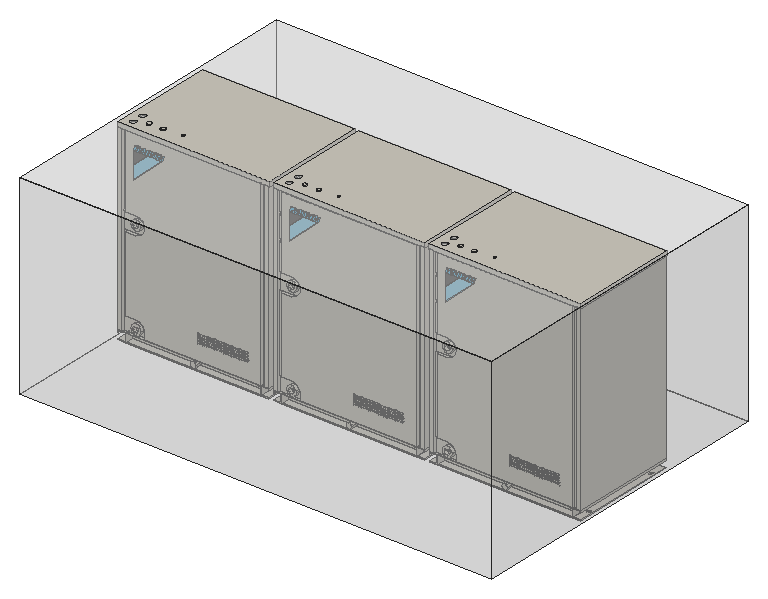
Revit family "outputfile", category 機械設備, Revit 2024
Family settings
  丸型コネクタ寸法 = 半径を使用
  種別 = なし
  パーツ タイプ = 標準
  OmniClass 番号 = 23.75.10.24.21.27.27
  OmniClass タイトル = Split System Air Conditioning Units
  作業面ベース = いいえ
  常に垂直 = はい
  ロード時にボイドで切り取り = いいえ
  注釈の向きを維持 = いいえ
  共有 = いいえ
  部屋計算ポイント = いいえ
Parameters (values of type "RWEYQ26TY1S")
  製造元 = "Daikin"
  書き出し IFC クラス(タイプ) = "IfcUnitaryEquipmentType"
  定義済み IFC タイプ(タイプ) = "AIRCONDITIONINGUNIT"
  モデル = "RWEYQ26TY1S"
  w_unit3 = 780.0 mm
  w_unit2 = 780.0 mm
  w_unit1 = 780.0 mm
  switch_unit3_6-8 [instance] = if(Reverse_ModuleSequence, if(default_unit1 = 1, 1 = 1, 1 = 0), if(default_unit3 = 1, 1 = 1, 1 = 0))  # yes
  switch_unit3_12 [instance] = if(Reverse_ModuleSequence, if(default_unit1 = 3, 1 = 1, 1 = 0), if(default_unit3 = 3, 1 = 1, 1 = 0))  # no
  switch_unit3_10 [instance] = if(Reverse_ModuleSequence, if(default_unit1 = 2, 1 = 1, 1 = 0), if(default_unit3 = 2, 1 = 1, 1 = 0))  # no
  switch_unit2_6-8 [instance] = if(default_unit2 = 1, 1 = 1, 1 = 0)  # yes
  switch_unit2_12 [instance] = if(default_unit2 = 3, 1 = 1, 1 = 0)  # no
  switch_unit2_10 [instance] = if(default_unit2 = 2, 1 = 1, 1 = 0)  # no
  switch_unit1_6-8 [instance] = if(Reverse_ModuleSequence, if(default_unit3 = 1, 1 = 1, 1 = 0), if(default_unit1 = 1, 1 = 1, 1 = 0))  # no
  switch_unit1_12 [instance] = if(Reverse_ModuleSequence, if(default_unit3 = 3, 1 = 1, 1 = 0), if(default_unit1 = 3, 1 = 1, 1 = 0))  # no
  switch_unit1_10 [instance] = if(Reverse_ModuleSequence, if(default_unit3 = 2, 1 = 1, 1 = 0), if(default_unit1 = 2, 1 = 1, 1 = 0))  # yes
  default_Water Outlet Pipe Connection_Unit 3 = 31.8 mm
  default_Water Outlet Pipe Connection_Unit 2 = 31.8 mm
  default_Water Outlet Pipe Connection_Unit 1 = 31.8 mm
  default_Water Inlet Pipe Connection_Unit 3 = 31.8 mm
  default_Water Inlet Pipe Connection_Unit 2 = 31.8 mm
  default_Water Inlet Pipe Connection_Unit 1 = 31.8 mm
  angle_Drain [instance] = if(Rear Connection_Drain, 180.00°, 0.00°)  # 0.00°
  r_Water Outlet Pipe Connection_unit3 [instance] = Water Outlet Pipe Connection_Unit3 / 2  # 15.9 mm
  r_Water Outlet Pipe Connection_unit2 [instance] = Water Outlet Pipe Connection_Unit2 / 2  # 15.9 mm
  r_Water Outlet Pipe Connection_unit1 [instance] = Water Outlet Pipe Connection_Unit1 / 2  # 15.9 mm
  r_Water Inlet Pipe Connection_unit3 [instance] = Water Inlet Pipe Connection_Unit3 / 2  # 15.9 mm
  r_Water Inlet Pipe Connection_unit2 [instance] = Water Inlet Pipe Connection_Unit2 / 2  # 15.9 mm
  r_Water Inlet Pipe Connection_unit1 [instance] = Water Inlet Pipe Connection_Unit1 / 2  # 15.9 mm
  r_Liquid Pipe Size_unit3 [instance] = Liquid Pipe Size_Unit 3 / 2  # 4.75 mm
  r_Liquid Pipe Size_unit2 [instance] = Liquid Pipe Size_Unit 2 / 2  # 4.75 mm
  r_HP/LP Gas Pipe Size_unit3 [instance] = [HP/LP Gas Pipe Size_Unit 3] / 2  # 9.55 mm
  r_HP/LP Gas Pipe Size_unit2 [instance] = [HP/LP Gas Pipe Size_Unit 2] / 2  # 9.55 mm
  r_HP/LP Gas Pipe Size_unit1 [instance] = [HP/LP Gas Pipe Size_Unit 1] / 2  # 11.1 mm
  r_Gas Pipe Size_unit3 [instance] = Gas Pipe Size_Unit 3 / 2  # 9.55 mm
  r_Gas Pipe Size_unit2 [instance] = Gas Pipe Size_Unit 2 / 2  # 9.55 mm
  r_Drain Pipe Size = Drain Pipe Size / 2  # 6.35 mm
  lw_powersupply3 = 51.0 mm
  lw_powersupply2 = 51.0 mm
  lw_liquidpipe3 = 274.0 mm
  lw_liquidpipe2 = 274.0 mm
  lw_gaspipe3 [instance] = if(Heat Pump, 107.0 mm, 178.0 mm)  # 107.0 mm
  lw_gaspipe2 [instance] = if(Heat Pump, 107.0 mm, 178.0 mm)  # 107.0 mm
  lw_Water Outlet3 = 95.0 mm
  lw_Water Outlet2 = 95.0 mm
  lw_Water Outlet1 = 95.0 mm
  lw_Water Inlet3 = 95.0 mm
  lw_Water Inlet2 = 95.0 mm
  lw_Water Inlet1 = 95.0 mm
  lw_HP/LP Gas Pipe3 [instance] = if(Heat Pump, 178.0 mm, 107.0 mm)  # 178.0 mm
  lw_HP/LP Gas Pipe2 [instance] = if(Heat Pump, 178.0 mm, 107.0 mm)  # 178.0 mm
  lw_HP/LP Gas Pipe1 [instance] = if(Heat Pump, 178.0 mm, 107.0 mm)  # 178.0 mm
  lw_Drain3 = 390.0 mm
  lw_Drain2 = 390.0 mm
  lw_Drain1 = 390.0 mm
  ld_HP/LP Gas Pipe = 69.0 mm
  h_mountinghole = [h_***] + 2.3 mm  # 2.3 mm
  r_Liquid Pipe Size_unit1 [instance] = Liquid Pipe Size_Unit 1 / 2  # 4.75 mm
  r_Gas Pipe Size_unit1 [instance] = Gas Pipe Size_Unit 1 / 2  # 11.1 mm
  distance_unit2-3 [instance] = 20.0 mm
  distance_unit1-2 [instance] = 20.0 mm
  default_unit3 = 1
  default_unit2 = 1
  default_unit1 = 2
  default_Model_Unit 3 = "RWEYQ8TY1S"
  default_Model_Unit 2 = "RWEYQ8TY1S"
  default_Model_Unit 1 = "RWEYQ10TY1S"
  default_Liquid Pipe Size_Unit 3 = 9.5 mm
  default_Liquid Pipe Size_Unit 2 = 9.5 mm
  default_Liquid Pipe Size_Unit 1 = 9.5 mm
  default_HP/LP Gas Pipe Size_Unit 3 [instance] = if(and(Heat Pump, [switch_unit3_6-8]), 19.1 mm, if(and(Heat Pump, switch_unit3_10), 22.2 mm, if(and(Heat Pump, switch_unit3_12), 22.2 mm, if(and(Heat Recovery, [switch_unit3_6-8]), 15.9 mm, if(and(Heat Recovery, switch_unit3_10), 19.1 mm, if(and(Heat Recovery, switch_unit3_12), 19.1 mm, 19.1 mm))))))  # 19.1 mm
  default_HP/LP Gas Pipe Size_Unit 2 [instance] = if(and(Heat Pump, [switch_unit2_6-8]), 19.1 mm, if(and(Heat Pump, switch_unit2_10), 22.2 mm, if(and(Heat Pump, switch_unit2_12), 22.2 mm, if(and(Heat Recovery, [switch_unit2_6-8]), 15.9 mm, if(and(Heat Recovery, switch_unit2_10), 19.1 mm, if(and(Heat Recovery, switch_unit2_12), 19.1 mm, 19.1 mm))))))  # 19.1 mm
  default_HP/LP Gas Pipe Size_Unit 1 [instance] = if(and(Heat Pump, [switch_unit1_6-8]), 19.1 mm, if(and(Heat Pump, switch_unit1_10), 22.2 mm, if(and(Heat Pump, switch_unit1_12), 22.2 mm, if(and(Heat Recovery, [switch_unit1_6-8]), 15.9 mm, if(and(Heat Recovery, switch_unit1_10), 19.1 mm, if(and(Heat Recovery, switch_unit1_12), 19.1 mm, 19.1 mm))))))  # 22.2 mm
  default_Gas Pipe Size_Unit 3 = 19.1 mm
  default_Gas Pipe Size_Unit 2 = 19.1 mm
  default_Gas Pipe Size_Unit 1 = 22.2 mm
  Water Outlet Pipe Connection_Unit3 [instance] = if(Reverse_ModuleSequence, default_Water Outlet Pipe Connection_Unit 1, default_Water Outlet Pipe Connection_Unit 3)  # 31.8 mm
  Water Outlet Pipe Connection_Unit2 [instance] = if(Reverse_ModuleSequence, default_Water Inlet Pipe Connection_Unit 2, default_Water Inlet Pipe Connection_Unit 2)  # 31.8 mm
  Water Outlet Pipe Connection_Unit1 [instance] = if(Reverse_ModuleSequence, default_Water Outlet Pipe Connection_Unit 3, default_Water Outlet Pipe Connection_Unit 1)  # 31.8 mm
  Water Inlet Pipe Connection_Unit3 [instance] = if(Reverse_ModuleSequence, default_Water Inlet Pipe Connection_Unit 1, default_Water Inlet Pipe Connection_Unit 3)  # 31.8 mm
  Water Inlet Pipe Connection_Unit2 [instance] = if(Reverse_ModuleSequence, default_Water Outlet Pipe Connection_Unit 2, default_Water Outlet Pipe Connection_Unit 2)  # 31.8 mm
  Water Inlet Pipe Connection_Unit1 [instance] = if(Reverse_ModuleSequence, default_Water Inlet Pipe Connection_Unit 3, default_Water Inlet Pipe Connection_Unit 1)  # 31.8 mm
  Voltage_comment_50Hz = "380-415"
  Voltage_50Hz = 400 V
  Top Connection_powersupply2 [instance] = not(Top Connection_powersupply1)  # no
  Sound Power Level (dB) = 76
  Reverse_ModuleSequence [instance] = no
  Rear Connection_Drain [instance] = not(Front Connection_Drain)  # no
  Power Input (Heating) = 13.600 kW
  Phase_50Hz = 3
  Nominal Heating Capacity = 81.500 kW
  Model_Unit 3 [instance] = if(Reverse_ModuleSequence, default_Model_Unit 1, default_Model_Unit 3)  # "RWEYQ8TY1S"
  Model_Unit 2 [instance] = if(Reverse_ModuleSequence, default_Model_Unit 2, default_Model_Unit 2)  # "RWEYQ8TY1S"
  Model_Unit 1 [instance] = if(Reverse_ModuleSequence, default_Model_Unit 3, default_Model_Unit 1)  # "RWEYQ10TY1S"
  Minimum Circuit Amps_50Hz = 40.9 A
  Maximum Fuse Amps_50Hz = 45.0 A
  Material_Heat Exchanger = DAIKIN_Blue_HE_outdoorunit
  Material_Casing = DAIKIN_IvoryWhite_Casing_outdoorunit
  lw_powersupply1 = 51.0 mm
  lw_liquidpipe1 = 274.0 mm
  lw_gaspipe1 [instance] = if(Heat Pump, 107.0 mm, 178.0 mm)  # 107.0 mm
  lh_powersupply = 940.0 mm
  ld_powersupply [instance] = if(Top Connection_powersupply1, 38.0 mm, 98.0 mm)  # 38.0 mm
  ld_liquidpipe = 79.0 mm
  ld_gaspipe = 69.0 mm
  h_*** = 0.0 mm
  Width [instance] = [distance_unit1-2] + [distance_unit2-3] + w_unit1 + w_unit2 + w_unit3  # 2380.0 mm
  Version = "ver.1.0"
  Unit Type = ""
  Unit Mass Weight = 439.00 kg
  Unit Designation [instance] = ""
  Uniclass2015Version = "Products v1.30"
  Uniclass2015Title = "Variable refrigerant flow units"
  Uniclass2015Code = "Pr_70_65_03_94"
  Total Cooling Capacity [instance] = 0.000 kW
  Sound Pressure Level (dBA) = 55
  Series = "VRV Heat Recovery"
  Refrigerant_Base Charge = 11.200 kg
  Refrigerant_Additional Charge [instance] = 0.000 kg
  Refrigerant Type = "R410A"
  Power Input (Cooling) = 13.200 kW
  Option Accessory 3 [instance] = ""
  Option Accessory 2 [instance] = ""
  Option Accessory 1 [instance] = ""
  Nominal Cooling Capacity = 72.800 kW
  Load Classification = HVAC
  Liquid Pipe Size_Unit 3 [instance] = if(Reverse_ModuleSequence, default_Liquid Pipe Size_Unit 1, default_Liquid Pipe Size_Unit 3)  # 9.5 mm
  Liquid Pipe Size_Unit 2 [instance] = if(Reverse_ModuleSequence, default_Liquid Pipe Size_Unit 2, default_Liquid Pipe Size_Unit 2)  # 9.5 mm
  Liquid Pipe Size_Unit 1 [instance] = if(Reverse_ModuleSequence, default_Liquid Pipe Size_Unit 3, default_Liquid Pipe Size_Unit 1)  # 9.5 mm
  Link_Nested Family [instance] = ""
  Intermediate Liquid Pipe Size_Unit1-2 = 12.7 mm
  Intermediate HP/LP Gas Pipe Size_Unit1-2 = 22.2 mm
  Intermediate Gas Pipe Size_Unit1-2 = 28.6 mm
  IfcVersion = ""
  IfcExportType = "AIRCONDITIONINGUNIT"
  IfcExportAs = "IfcUnitaryEquipmentType"
  Height = 1000.0 mm
  Heat Recovery [instance] = not(Heat Pump)  # no
  Heat Pump [instance] = yes
  Heat Exchanger Type = "Stainless Steel Plate"
  HP/LP Gas Pipe Size_Unit 3 [instance] = [default_HP/LP Gas Pipe Size_Unit 3]  # 19.1 mm
  HP/LP Gas Pipe Size_Unit 2 [instance] = [default_HP/LP Gas Pipe Size_Unit 2]  # 19.1 mm
  HP/LP Gas Pipe Size_Unit 1 [instance] = [default_HP/LP Gas Pipe Size_Unit 1]  # 22.2 mm
  Gas Pipe Size_Unit 3 [instance] = if(Reverse_ModuleSequence, default_Gas Pipe Size_Unit 1, default_Gas Pipe Size_Unit 3)  # 19.1 mm
  Gas Pipe Size_Unit 2 [instance] = if(Reverse_ModuleSequence, default_Gas Pipe Size_Unit 2, default_Gas Pipe Size_Unit 2)  # 19.1 mm
  Gas Pipe Size_Unit 1 [instance] = if(Reverse_ModuleSequence, default_Gas Pipe Size_Unit 3, default_Gas Pipe Size_Unit 1)  # 22.2 mm
  Top Connection_powersupply1 [instance] = yes
  Front Connection_Drain [instance] = yes
  Frequency_50Hz = 50 Hz
  Drain Pipe Size = 12.7 mm
  Depth = 550.0 mm
  既定の高さ = 0.0 mm
  Cooling Ambient Wet Bulb Temperature [instance] = 0.00 °C
  Cooling Ambient Dry Bulb Temperature [instance] = 0.00 °C
  Compressor Type = "Hermetically Sealed Scroll Type"
  Clearance visibility [instance] = yes
  Clearance Top = 0.0 mm
  Clearance Right = 20.0 mm
  Clearance Rear = 500.0 mm
  Clearance Left = 20.0 mm
  Clearance Front = 600.0 mm
  Clearance Bottom = 0.0 mm
  CU Tag No. [instance] = ""
Reference planes
  plane 1 "Center (Front/Back)": y = 0
  plane 2 "h_***": z = 0
  plane 3 "Center (Left/Right)": x = 0
  plane 4 "Back": y = 275
  plane 5 "Front": y = -275
  plane 6 "Left": x = -390
  plane 7 "w_unit1": x = 390
  plane 8 "Top": z = 1000
  plane 9 "Clearance Rear": y = 775
  plane 10 "Clearance Front": y = -875
  plane 11 "Clearance Left": x = -410
  plane 12 "Clearance Right": x = 2010
  plane 13 "Clearance Top": z = 1000
  plane 14 "Clearance Bottom": z = 0
  plane 15 "Bottom": z = 0
  plane 16 "lw_powersupply1": x = -339
  plane 17 "ld_powersupply": y = -237
  plane 18 "lw_liquidpipe1": x = -116
  plane 19 "Rear Connection_refrigetant": y = -196
  plane 20 "lw_gaspipe1": x = -283
  plane 21 "ld_gaspipe": y = -206
  plane 22 "lh_logo": z = 900
  plane 23 "lw_logo": x = 100
  plane 24 "lh_powersupply": z = 940
  plane 25 "lw_HP/LP Gas Pipe1": x = -212
  plane 26 "ld_HP/LP Gas Pipe": y = -206
  plane 27 "l_unit2": x = 410
  plane 28 "w_unit2": x = 1190
  plane 29 "lw_powersupply2": x = 461
  plane 30 "lw_liquidpipe2": x = 684
  plane 31 "lw_gaspipe2": x = 517
  plane 32 "lw_HP/LP Gas Pipe2": x = 588
  plane 33 "Right": x = 1990
  plane 34 "叴": x = 1210
  plane 35 "叵": x = 1261
  plane 36 "叶": x = 1484
  plane 37 "号": x = 1317
  plane 38 "司": x = 1388
  plane 39 "lw_Water Inlet1": x = -295
  plane 40 "lw_Water Inlet2": x = 505
  plane 41 "lw_Water Inlet3": x = 1305
  plane 42 "lw_Water Outlet1": x = -295
  plane 43 "lw_Water Outlet2": x = 505
  plane 44 "lw_Water Outlet3": x = 1305
  plane 45 "lw_Drain1": x = 0
  plane 46 "lw_Drain2": x = 800
  plane 47 "lw_Drain3": x = 1600
Dimensions and locks
  equal spacing: plane 4 "Back", plane 1 "Center (Front/Back)", plane 5 "Front"
  "Depth": plane 4 "Back" to plane 5 "Front"
  equal spacing: plane 6 "Left", plane 3 "Center (Left/Right)", plane 7 "w_unit1"
  "w_unit1": plane 6 "Left" to plane 7 "w_unit1"
  "Clearance Rear": plane 9 "Clearance Rear" to plane 4 "Back"
  "Clearance Front": plane 10 "Clearance Front" to plane 5 "Front"
  "Clearance Left": plane 11 "Clearance Left" to plane 6 "Left"
  "Clearance Top": plane 13 "Clearance Top" to plane 8 "Top"
  "h_***": plane 15 "Bottom" to plane 2 "h_***"
  "Height": plane 8 "Top" to plane 15 "Bottom"
  "Clearance Bottom": plane 15 "Bottom" to plane 14 "Clearance Bottom"
  "ld_powersupply": plane 17 "ld_powersupply" to plane 5 "Front"
  "ld_liquidpipe": plane 19 "Rear Connection_refrigetant" to plane 5 "Front"
  "ld_gaspipe": plane 21 "ld_gaspipe" to plane 5 "Front"
  locked: plane 23 "lw_logo" to plane 7 "w_unit1" at 290
  locked: plane 22 "lh_logo" to plane 15 "Bottom" at 900
  "lw_gaspipe1": plane 6 "Left" to plane 20 "lw_gaspipe1"
  "lw_liquidpipe1": plane 6 "Left" to plane 18 "lw_liquidpipe1"
  "lw_powersupply1": plane 6 "Left" to plane 16 "lw_powersupply1"
  "lh_powersupply": plane 24 "lh_powersupply" to plane 15 "Bottom"
  "lw_HP/LP Gas Pipe1": plane 6 "Left" to plane 25 "lw_HP/LP Gas Pipe1"
  "ld_HP/LP Gas Pipe": plane 26 "ld_HP/LP Gas Pipe" to plane 5 "Front"
  "distance_unit1-2": plane 7 "w_unit1" to plane 27 "l_unit2"
  "lw_powersupply2": plane 27 "l_unit2" to plane 29 "lw_powersupply2"
  "lw_HP/LP Gas Pipe2": plane 27 "l_unit2" to plane 32 "lw_HP/LP Gas Pipe2"
  "lw_gaspipe2": plane 27 "l_unit2" to plane 31 "lw_gaspipe2"
  "lw_liquidpipe2": plane 27 "l_unit2" to plane 30 "lw_liquidpipe2"
  "w_unit2": plane 27 "l_unit2" to plane 28 "w_unit2"
  "distance_unit2-3": plane 28 "w_unit2" to plane 34 "叴"
  "Width": plane 6 "Left" to plane 33 "Right"
  "Clearance Right": plane 33 "Right" to plane 12 "Clearance Right"
  "lw_powersupply3": plane 34 "叴" to plane 35 "叵"
  "lw_HP/LP Gas Pipe3": plane 34 "叴" to plane 38 "司"
  "lw_gaspipe3": plane 34 "叴" to plane 37 "号"
  "lw_liquidpipe3": plane 34 "叴" to plane 36 "叶"
  "lw_Water Inlet1": plane 6 "Left" to plane 39 "lw_Water Inlet1"
  "lw_Water Inlet2": plane 27 "l_unit2" to plane 40 "lw_Water Inlet2"
  "lw_Water Inlet3": plane 34 "叴" to plane 41 "lw_Water Inlet3"
  "lw_Water Outlet1": plane 6 "Left" to plane 42 "lw_Water Outlet1"
  "lw_Water Outlet2": plane 27 "l_unit2" to plane 43 "lw_Water Outlet2"
  "lw_Water Outlet3": plane 34 "叴" to plane 44 "lw_Water Outlet3"
  "lw_Drain1": plane 6 "Left" to plane 45 "lw_Drain1"
  "lw_Drain2": plane 27 "l_unit2" to plane 46 "lw_Drain2"
  "lw_Drain3": plane 34 "叴" to plane 47 "lw_Drain3"
  aligned and locked: level to plane 2 "h_***"
  aligned and locked: nested 2 to plane 9 "Clearance Rear"
  aligned and locked: nested 2 to plane 10 "Clearance Front"
  aligned and locked: plane 11 "Clearance Left" to nested 2
  aligned and locked: plane 12 "Clearance Right" to nested 2
  aligned and locked: nested 2 to plane 13 "Clearance Top"
  aligned and locked: nested 2 to plane 14 "Clearance Bottom"
  aligned and locked: plane 8 "Top" to nested 1
  aligned and locked: plane 22 "lh_logo" to nested 7
  aligned and locked: nested 8 to plane 16 "lw_powersupply1"
  aligned and locked: nested 9 to plane 20 "lw_gaspipe1"
  aligned and locked: nested 10 to plane 18 "lw_liquidpipe1"
  aligned and locked: nested 10 to plane 19 "Rear Connection_refrigetant"
  aligned and locked: nested 9 to plane 21 "ld_gaspipe"
  aligned and locked: nested 8 to plane 17 "ld_powersupply"
  aligned and locked: plane 5 "Front" to nested 7
  aligned and locked: plane 24 "lh_powersupply" to nested 8
  aligned and locked: plane 27 "l_unit2" to nested 11
  aligned and locked: nested 17 to plane 29 "lw_powersupply2"
  aligned and locked: nested 17 to plane 17 "ld_powersupply"
  aligned and locked: nested 18 to plane 31 "lw_gaspipe2"
  aligned and locked: nested 18 to plane 26 "ld_HP/LP Gas Pipe"
  aligned and locked: plane 1 "Center (Front/Back)" to nested 20
  aligned and locked: plane 34 "叴" to nested 20
  aligned and locked: nested 27 to plane 35 "叵"
  aligned and locked: nested 28 to plane 37 "号"
  aligned and locked: nested 26 to plane 36 "叶"
  aligned and locked: plane 17 "ld_powersupply" to nested 27
  aligned and locked: plane 21 "ld_gaspipe" to nested 28
  aligned and locked: plane 19 "Rear Connection_refrigetant" to nested 26
  aligned and locked: nested 27 to plane 24 "lh_powersupply"
  aligned and locked: plane 39 "lw_Water Inlet1" to nested 29
  aligned and locked: plane 40 "lw_Water Inlet2" to nested 30
  aligned and locked: plane 41 "lw_Water Inlet3" to nested 31
  aligned and locked: plane 42 "lw_Water Outlet1" to nested 32
  aligned and locked: plane 43 "lw_Water Outlet2" to nested 33
  aligned and locked: plane 44 "lw_Water Outlet3" to nested 34
  aligned and locked: plane 45 "lw_Drain1" to nested 35
  aligned and locked: plane 46 "lw_Drain2" to nested 36
  aligned and locked: plane 47 "lw_Drain3" to nested 37
  aligned and locked: plane 1 "Center (Front/Back)" to nested 29
  aligned and locked: plane 1 "Center (Front/Back)" to nested 32
  aligned and locked: plane 1 "Center (Front/Back)" to nested 31
  aligned and locked: plane 1 "Center (Front/Back)" to nested 30
  aligned and locked: plane 1 "Center (Front/Back)" to nested 33
  aligned and locked: plane 1 "Center (Front/Back)" to nested 35
  aligned and locked: plane 1 "Center (Front/Back)" to nested 34
  aligned and locked: plane 1 "Center (Front/Back)" to nested 37
  aligned and locked: plane 1 "Center (Front/Back)" to nested 36
  aligned and locked: plane 25 "lw_HP/LP Gas Pipe1" to nested 38
  aligned and locked: plane 32 "lw_HP/LP Gas Pipe2" to nested 39
  aligned and locked: plane 38 "司" to nested 40
  aligned and locked: nested 38 to plane 26 "ld_HP/LP Gas Pipe"
  aligned and locked: nested 39 to plane 26 "ld_HP/LP Gas Pipe"
  aligned and locked: plane 26 "ld_HP/LP Gas Pipe" to nested 40
Nested families
  nested 1: "DAIKIN_outdoorunit_RWEYQ-TY1S" at (-31, 0, 0), h_*** <- "h_***", Link_Nest <- "Link_Nested Family", h_mountinghole <- "h_mountinghole", Width <- "w_unit1", switch_unit1_6-8 <- "switch_unit1_6-8", switch_unit1_10 <- "switch_unit1_10", switch_unit1_12 <- "switch_unit1_12", type "RWEYQ-TY1S"
    with switch_unit1_6-8 no, switch_unit1_12 no, switch_unit1_10 yes, show_fixedhole yes, h_mountinghole 2.3 mm, h_antenna_mountinghole 998.7 mm, h_*** 0.0 mm, array_bolt 5, Width 780.0 mm, Liquid Pipe Size_Unit 1 9.5 mm, Link_Nest "", HP/LP Pipe Size_Unit 1 22.2 mm, Gas Pipe Size_Unit 1 22.2 mm
  nested 2: "daikin_clearancespace" at (800, -50, 500.119), visible <- "Clearance visibility", show <- "Clearance visibility", Link_Nested Family <- "Link_Nested Family", type "daikin_clearancespace"
    with width 2420.0 mm, show yes, height 1000.0 mm, depth 1650.0 mm, Link_Nested Family ""
  nested 3: "daikin_mountinghole" at (-372, 200, 0), type "daikin_mountinghole"
    with show yes, l_antenna 998.7 mm, h_mountinghole 2.3 mm, Link_Nested Family ""
  nested 4: "daikin_mountinghole" at (372, 200, 0), type "daikin_mountinghole"
    with show yes, l_antenna 998.7 mm, h_mountinghole 2.3 mm, Link_Nested Family ""
  nested 5: "daikin_mountinghole" at (-372, -200, 0), type "daikin_mountinghole"
    with show yes, l_antenna 998.7 mm, h_mountinghole 2.3 mm, Link_Nested Family ""
  nested 6: "daikin_mountinghole" at (372, -200, 0), type "daikin_mountinghole"
    with show yes, l_antenna 998.7 mm, h_mountinghole 2.3 mm, Link_Nested Family ""
  nested 7: "daikin_logo_elevation_w150" at (-212.5, -275, 744.568), type "daikin_logo_elevation_w150"
    with show_logo yes
  nested 8: "daikin_connector_rotate3" at (-339, -237, 940) x (-1, 0, 0) z (0, 0, -1), type "daikin_connector_rotate3"
    with show no, radius 10.0 mm, length 60.0 mm, angle_vertical 0.00°, angle_horizontal 0.00°
  nested 9: "daikin_connector_rotate3" at (-283, -206, 940) x (-1, 0, 0) z (0, 0, -1), radius <- "r_Gas Pipe Size_unit1", type "daikin_connector_rotate3"
    with show no, radius 11.1 mm, length 60.0 mm, angle_vertical 0.00°, angle_horizontal 0.00°
  nested 10: "daikin_connector_rotate3" at (-116, -196, 940) x (-1, 0, 0) z (0, 0, -1), radius <- "r_Liquid Pipe Size_unit1", type "daikin_connector_rotate3"
    with show no, radius 4.75 mm, length 60.0 mm, angle_vertical 0.00°, angle_horizontal 0.00°
  nested 11: "DAIKIN_outdoorunit_RWEYQ-TY1S" at (769, 0, 0), Width <- "w_unit2", switch_unit1_6-8 <- "switch_unit2_6-8", switch_unit1_10 <- "switch_unit2_10", switch_unit1_12 <- "switch_unit2_12", type "RWEYQ-TY1S"
    with switch_unit1_6-8 yes, switch_unit1_12 no, switch_unit1_10 no, show_fixedhole yes, h_mountinghole 2.3 mm, h_antenna_mountinghole 998.7 mm, h_*** 0.0 mm, array_bolt 5, Width 780.0 mm, Liquid Pipe Size_Unit 1 9.5 mm, Link_Nest "", HP/LP Pipe Size_Unit 1 19.1 mm, Gas Pipe Size_Unit 1 19.1 mm
  nested 12: "daikin_mountinghole" at (428, 200, 0), type "daikin_mountinghole"
    with show yes, l_antenna 998.7 mm, h_mountinghole 2.3 mm, Link_Nested Family ""
  nested 13: "daikin_mountinghole" at (1172, 200, 0), type "daikin_mountinghole"
    with show yes, l_antenna 998.7 mm, h_mountinghole 2.3 mm, Link_Nested Family ""
  nested 14: "daikin_mountinghole" at (428, -200, 0), type "daikin_mountinghole"
    with show yes, l_antenna 998.7 mm, h_mountinghole 2.3 mm, Link_Nested Family ""
  nested 15: "daikin_mountinghole" at (1172, -200, 0), type "daikin_mountinghole"
    with show yes, l_antenna 998.7 mm, h_mountinghole 2.3 mm, Link_Nested Family ""
  nested 16: "daikin_connector_rotate3" at (684, -196, 940) x (-1, 0, 0) z (0, 0, -1), radius <- "r_Liquid Pipe Size_unit2", type "daikin_connector_rotate3"
    with show no, radius 4.75 mm, length 60.0 mm, angle_vertical 0.00°, angle_horizontal 0.00°
  nested 17: "daikin_connector_rotate3" at (461, -237, 940) x (-1, 0, 0) z (0, 0, -1), type "daikin_connector_rotate3"
    with show no, radius 10.0 mm, length 60.0 mm, angle_vertical 0.00°, angle_horizontal 0.00°
  nested 18: "daikin_connector_rotate3" at (517, -206, 940) x (-1, 0, 0) z (0, 0, -1), radius <- "r_Gas Pipe Size_unit2", type "daikin_connector_rotate3"
    with show no, radius 9.55 mm, length 60.0 mm, angle_vertical 0.00°, angle_horizontal 0.00°
  nested 19: "daikin_logo_elevation_w150" at (587.5, -275, 744.568), type "daikin_logo_elevation_w150"
    with show_logo yes
  nested 20: "DAIKIN_outdoorunit_RWEYQ-TY1S" at (1569, 0, 0), switch_unit1_6-8 <- "switch_unit3_6-8", switch_unit1_10 <- "switch_unit3_10", switch_unit1_12 <- "switch_unit3_12", Width <- "w_unit3", type "RWEYQ-TY1S"
    with switch_unit1_6-8 yes, switch_unit1_12 no, switch_unit1_10 no, show_fixedhole yes, h_mountinghole 2.3 mm, h_antenna_mountinghole 998.7 mm, h_*** 0.0 mm, array_bolt 5, Width 780.0 mm, Liquid Pipe Size_Unit 1 9.5 mm, Link_Nest "", HP/LP Pipe Size_Unit 1 19.1 mm, Gas Pipe Size_Unit 1 19.1 mm
  nested 21: "daikin_mountinghole" at (1228, 200, 0), type "daikin_mountinghole"
    with show yes, l_antenna 998.7 mm, h_mountinghole 2.3 mm, Link_Nested Family ""
  nested 22: "daikin_mountinghole" at (1972, 200, 0), type "daikin_mountinghole"
    with show yes, l_antenna 998.7 mm, h_mountinghole 2.3 mm, Link_Nested Family ""
  nested 23: "daikin_mountinghole" at (1228, -200, 0), type "daikin_mountinghole"
    with show yes, l_antenna 998.7 mm, h_mountinghole 2.3 mm, Link_Nested Family ""
  nested 24: "daikin_mountinghole" at (1972, -200, 0), type "daikin_mountinghole"
    with show yes, l_antenna 998.7 mm, h_mountinghole 2.3 mm, Link_Nested Family ""
  nested 25: "daikin_logo_elevation_w150" at (1387.5, -275, 744.568), type "daikin_logo_elevation_w150"
    with show_logo yes
  nested 26: "daikin_connector_rotate3" at (1484, -196, 940) x (-1, 0, 0) z (0, 0, -1), radius <- "r_Liquid Pipe Size_unit3", type "daikin_connector_rotate3"
    with show no, radius 4.75 mm, length 60.0 mm, angle_vertical 0.00°, angle_horizontal 0.00°
  nested 27: "daikin_connector_rotate3" at (1261, -237, 940) x (-1, 0, 0) z (0, 0, -1), type "daikin_connector_rotate3"
    with show no, radius 10.0 mm, length 60.0 mm, angle_vertical 0.00°, angle_horizontal 0.00°
  nested 28: "daikin_connector_rotate3" at (1317, -206, 940) x (-1, 0, 0) z (0, 0, -1), radius <- "r_Gas Pipe Size_unit3", type "daikin_connector_rotate3"
    with show no, radius 9.55 mm, length 60.0 mm, angle_vertical 0.00°, angle_horizontal 0.00°
  nested 29: "daikin_connector_rotate3" at (-295, 0, 76), radius <- "r_Water Inlet Pipe Connection_unit1", type "daikin_connector_rotate3"
    with show no, radius 15.9 mm, length 275.0 mm, angle_vertical 90.00°, angle_horizontal 0.00°
  nested 30: "daikin_connector_rotate3" at (505, 0, 76), radius <- "r_Water Inlet Pipe Connection_unit2", type "daikin_connector_rotate3"
    with show no, radius 15.9 mm, length 275.0 mm, angle_vertical 90.00°, angle_horizontal 0.00°
  nested 31: "daikin_connector_rotate3" at (1305, 0, 76), radius <- "r_Water Inlet Pipe Connection_unit3", type "daikin_connector_rotate3"
    with show no, radius 15.9 mm, length 275.0 mm, angle_vertical 90.00°, angle_horizontal 0.00°
  nested 32: "daikin_connector_rotate3" at (-295, 0, 556), radius <- "r_Water Outlet Pipe Connection_unit1", type "daikin_connector_rotate3"
    with show no, radius 15.9 mm, length 275.0 mm, angle_vertical 90.00°, angle_horizontal 0.00°
  nested 33: "daikin_connector_rotate3" at (505, 0, 556), radius <- "r_Water Outlet Pipe Connection_unit2", type "daikin_connector_rotate3"
    with show no, radius 15.9 mm, length 275.0 mm, angle_vertical 90.00°, angle_horizontal 0.00°
  nested 34: "daikin_connector_rotate3" at (1305, 0, 556), radius <- "r_Water Outlet Pipe Connection_unit3", type "daikin_connector_rotate3"
    with show no, radius 15.9 mm, length 275.0 mm, angle_vertical 90.00°, angle_horizontal 0.00°
  nested 35: "daikin_connector_rotate3" at (0, 0, 19), angle_horizontal <- "angle_Drain", radius <- "r_Drain Pipe Size", type "daikin_connector_rotate3"
    with show no, radius 6.35 mm, length 275.0 mm, angle_vertical 90.00°, angle_horizontal 0.00°
  nested 36: "daikin_connector_rotate3" at (800, 0, 19), angle_horizontal <- "angle_Drain", radius <- "r_Drain Pipe Size", type "daikin_connector_rotate3"
    with show no, radius 6.35 mm, length 275.0 mm, angle_vertical 90.00°, angle_horizontal 0.00°
  nested 37: "daikin_connector_rotate3" at (1600, 0, 19), angle_horizontal <- "angle_Drain", radius <- "r_Drain Pipe Size", type "daikin_connector_rotate3"
    with show no, radius 6.35 mm, length 275.0 mm, angle_vertical 90.00°, angle_horizontal 0.00°
  nested 38: "daikin_connector_rotate3" at (-212, -206, 940) x (1, 0, 0) z (0, 0, -1), radius <- "r_HP/LP Gas Pipe Size_unit1", type "daikin_connector_rotate3"
    with show no, radius 11.1 mm, length 60.0 mm, angle_vertical 0.00°, angle_horizontal 0.00°
  nested 39: "daikin_connector_rotate3" at (588, -206, 940) x (1, 0, 0) z (0, 0, -1), radius <- "r_HP/LP Gas Pipe Size_unit2", type "daikin_connector_rotate3"
    with show no, radius 9.55 mm, length 60.0 mm, angle_vertical 0.00°, angle_horizontal 0.00°
  nested 40: "daikin_connector_rotate3" at (1388, -206, 940) x (1, 0, 0) z (0, 0, -1), radius <- "r_HP/LP Gas Pipe Size_unit3", type "daikin_connector_rotate3"
    with show no, radius 9.55 mm, length 60.0 mm, angle_vertical 0.00°, angle_horizontal 0.00°
Connectors
  piping at (-116, -196, 1000), diameter 9.5, driven by "r_Liquid Pipe Size_unit1"
    settings: on nested 10, index 12, connector inside diameter 609.6 mm, connector length 0.0 mm, flow factor 0, pipe flow 0.00 m³/h, pressure drop 0.0 Pa, fitting loss kfactor 0, connector angle 0.00°, fixture units 0, engagement length 0.0 mm, angle of deflection 0.00°, flow configuration 0, flow direction 2, fitting loss method 0, system type 29, joint type 0, gender type 0, connector reference index -1, connector utility 0, adjustable connector no, is connector primary no, connector description "Refrigerant Liquid Piping1"
  electrical at (-339, -237, 1000), driven by "Load Classification"
    settings: on nested 8, index 13, voltage 0 V, apparent load 0 VA, apparent load phase1 0 VA, apparent load phase2 0 VA, apparent load phase3 0 VA, power factor 1, load classification "HVAC", number of poles 1, system type 30, power factor state 1, is connector primary yes, connector utility no, sub classification motor no, connector description "Power Supply1"
  piping at (684, -196, 1000), diameter 9.5, driven by "r_Liquid Pipe Size_unit2"
    settings: on nested 16, index 15, connector inside diameter 609.6 mm, connector length 0.0 mm, flow factor 0, pipe flow 0.00 m³/h, pressure drop 0.0 Pa, fitting loss kfactor 0, connector angle 0.00°, fixture units 0, engagement length 0.0 mm, angle of deflection 0.00°, flow configuration 0, flow direction 2, fitting loss method 0, system type 29, joint type 0, gender type 0, connector reference index -1, connector utility 0, adjustable connector no, is connector primary no, connector description "Refrigerant Liquid Piping2"
  electrical at (461, -237, 1000), driven by "Load Classification"
    settings: on nested 17, index 17, voltage 0 V, apparent load 0 VA, apparent load phase1 0 VA, apparent load phase2 0 VA, apparent load phase3 0 VA, power factor 1, load classification "HVAC", number of poles 1, system type 30, power factor state 1, is connector primary no, connector utility no, sub classification motor no, connector description "Power Supply2"
  piping at (1484, -196, 1000), diameter 9.5, driven by "r_Liquid Pipe Size_unit3"
    settings: on nested 26, index 19, connector inside diameter 609.6 mm, connector length 0.0 mm, flow factor 0, pipe flow 0.00 m³/h, pressure drop 0.0 Pa, fitting loss kfactor 0, connector angle 0.00°, fixture units 0, engagement length 0.0 mm, angle of deflection 0.00°, flow configuration 0, flow direction 2, fitting loss method 0, system type 29, joint type 0, gender type 0, connector reference index -1, connector utility 0, adjustable connector no, is connector primary no, connector description "Refrigerant Liquid Piping3"
  piping at (1317, -206, 1000), diameter 19.1, driven by "r_Gas Pipe Size_unit3"
    settings: on nested 28, index 20, connector inside diameter 609.6 mm, connector length 0.0 mm, flow factor 0, pipe flow 0.00 m³/h, pressure drop 0.0 Pa, fitting loss kfactor 0, connector angle 0.00°, fixture units 0, engagement length 0.0 mm, angle of deflection 0.00°, flow configuration 0, flow direction 1, fitting loss method 0, system type 29, joint type 0, gender type 0, connector reference index -1, connector utility 0, adjustable connector no, is connector primary no, connector description "Refrigerant Gas Piping3"
  electrical at (1261, -237, 1000), driven by "Load Classification"
    settings: on nested 27, index 21, voltage 0 V, apparent load 0 VA, apparent load phase1 0 VA, apparent load phase2 0 VA, apparent load phase3 0 VA, power factor 1, load classification "HVAC", number of poles 1, system type 30, power factor state 1, is connector primary no, connector utility no, sub classification motor no, connector description "Power Supply3"
  piping at (-295, -275, 556), diameter 31.8, driven by "r_Water Outlet Pipe Connection_unit1"
    settings: on nested 32, index 24, connector inside diameter 609.6 mm, connector length 0.0 mm, flow factor 0, pipe flow 0.00 m³/h, pressure drop 0.0 Pa, fitting loss kfactor 0, connector angle 0.00°, fixture units 0, engagement length 0.0 mm, angle of deflection 0.00°, flow configuration 1, flow direction 2, fitting loss method 0, system type 8, joint type 0, gender type 0, connector reference index -1, connector utility 0, adjustable connector no, is connector primary no, connector description "Cooling Water Outlet Piping 1"
  piping at (-295, -275, 76), diameter 31.8, driven by "r_Water Inlet Pipe Connection_unit1"
    settings: on nested 29, index 25, connector inside diameter 609.6 mm, connector length 0.0 mm, flow factor 0, pipe flow 0.00 m³/h, pressure drop 0.0 Pa, fitting loss kfactor 0, connector angle 0.00°, fixture units 0, engagement length 0.0 mm, angle of deflection 0.00°, flow configuration 1, flow direction 1, fitting loss method 0, system type 7, joint type 0, gender type 0, connector reference index -1, connector utility 0, adjustable connector no, is connector primary no, connector description "Cooling Water Inlet  Piping 1"
  piping at (0, -275, 19), diameter 12.7, driven by "r_Drain Pipe Size"
    settings: on nested 35, index 26, connector inside diameter 609.6 mm, connector length 0.0 mm, flow factor 0, pipe flow 0.00 m³/h, pressure drop 0.0 Pa, fitting loss kfactor 0, connector angle 0.00°, fixture units 0, engagement length 0.0 mm, angle of deflection 0.00°, flow configuration 1, flow direction 2, fitting loss method 4, system type 16, joint type 0, gender type 0, connector reference index -1, connector utility 0, adjustable connector no, is connector primary no, connector description "Condensate Drain Piping 1"
  piping at (505, -275, 556), diameter 31.8, driven by "r_Water Outlet Pipe Connection_unit2"
    settings: on nested 33, index 27, connector inside diameter 609.6 mm, connector length 0.0 mm, flow factor 0, pipe flow 0.00 m³/h, pressure drop 0.0 Pa, fitting loss kfactor 0, connector angle 0.00°, fixture units 0, engagement length 0.0 mm, angle of deflection 0.00°, flow configuration 1, flow direction 2, fitting loss method 0, system type 8, joint type 0, gender type 0, connector reference index -1, connector utility 0, adjustable connector no, is connector primary no, connector description "Cooling Water Outlet Piping 2"
  piping at (505, -275, 76), diameter 31.8, driven by "r_Water Inlet Pipe Connection_unit2"
    settings: on nested 30, index 28, connector inside diameter 609.6 mm, connector length 0.0 mm, flow factor 0, pipe flow 0.00 m³/h, pressure drop 0.0 Pa, fitting loss kfactor 0, connector angle 0.00°, fixture units 0, engagement length 0.0 mm, angle of deflection 0.00°, flow configuration 1, flow direction 1, fitting loss method 0, system type 7, joint type 0, gender type 0, connector reference index -1, connector utility 0, adjustable connector no, is connector primary no, connector description "Cooling Water Inlet  Piping 2"
  piping at (800, -275, 19), diameter 12.7, driven by "r_Drain Pipe Size"
    settings: on nested 36, index 29, connector inside diameter 609.6 mm, connector length 0.0 mm, flow factor 0, pipe flow 0.00 m³/h, pressure drop 0.0 Pa, fitting loss kfactor 0, connector angle 0.00°, fixture units 0, engagement length 0.0 mm, angle of deflection 0.00°, flow configuration 1, flow direction 2, fitting loss method 4, system type 16, joint type 0, gender type 0, connector reference index -1, connector utility 0, adjustable connector no, is connector primary no, connector description "Condensate Drain Piping 2"
  piping at (1305, -275, 556), diameter 31.8, driven by "r_Water Outlet Pipe Connection_unit3"
    settings: on nested 34, index 30, connector inside diameter 609.6 mm, connector length 0.0 mm, flow factor 0, pipe flow 0.00 m³/h, pressure drop 0.0 Pa, fitting loss kfactor 0, connector angle 0.00°, fixture units 0, engagement length 0.0 mm, angle of deflection 0.00°, flow configuration 1, flow direction 2, fitting loss method 0, system type 8, joint type 0, gender type 0, connector reference index -1, connector utility 0, adjustable connector no, is connector primary no, connector description "Cooling Water Outlet Piping 3"
  piping at (1305, -275, 76), diameter 31.8, driven by "r_Water Inlet Pipe Connection_unit3"
    settings: on nested 31, index 31, connector inside diameter 609.6 mm, connector length 0.0 mm, flow factor 0, pipe flow 0.00 m³/h, pressure drop 0.0 Pa, fitting loss kfactor 0, connector angle 0.00°, fixture units 0, engagement length 0.0 mm, angle of deflection 0.00°, flow configuration 1, flow direction 1, fitting loss method 0, system type 7, joint type 0, gender type 0, connector reference index -1, connector utility 0, adjustable connector no, is connector primary no, connector description "Cooling Water Inlet  Piping 3"
  piping at (1600, -275, 19), diameter 12.7, driven by "r_Drain Pipe Size"
    settings: on nested 37, index 32, connector inside diameter 609.6 mm, connector length 0.0 mm, flow factor 0, pipe flow 0.00 m³/h, pressure drop 0.0 Pa, fitting loss kfactor 0, connector angle 0.00°, fixture units 0, engagement length 0.0 mm, angle of deflection 0.00°, flow configuration 1, flow direction 2, fitting loss method 4, system type 16, joint type 0, gender type 0, connector reference index -1, connector utility 0, adjustable connector no, is connector primary no, connector description "Condensate Drain Piping 3"
  piping at (-212, -206, 1000), diameter 22.2, driven by "r_HP/LP Gas Pipe Size_unit1"
    settings: on nested 38, index 36, connector inside diameter 609.6 mm, connector length 0.0 mm, flow factor 0, pipe flow 0.00 m³/h, pressure drop 0.0 Pa, fitting loss kfactor 0, connector angle 0.00°, fixture units 0, engagement length 0.0 mm, angle of deflection 0.00°, flow configuration 0, flow direction 0, fitting loss method 0, system type 29, joint type 0, gender type 0, connector reference index -1, connector utility 0, adjustable connector no, is connector primary no, connector description "Refrigerant HP/LP Gas Piping1"
  piping at (588, -206, 1000), diameter 19.1, driven by "r_HP/LP Gas Pipe Size_unit2"
    settings: on nested 39, index 37, connector inside diameter 609.6 mm, connector length 0.0 mm, flow factor 0, pipe flow 0.00 m³/h, pressure drop 0.0 Pa, fitting loss kfactor 0, connector angle 0.00°, fixture units 0, engagement length 0.0 mm, angle of deflection 0.00°, flow configuration 0, flow direction 0, fitting loss method 0, system type 29, joint type 0, gender type 0, connector reference index -1, connector utility 0, adjustable connector no, is connector primary no, connector description "Refrigerant HP/LP Gas Piping2"
  piping at (1388, -206, 1000), diameter 19.1, driven by "r_HP/LP Gas Pipe Size_unit3"
    settings: on nested 40, index 38, connector inside diameter 609.6 mm, connector length 0.0 mm, flow factor 0, pipe flow 0.00 m³/h, pressure drop 0.0 Pa, fitting loss kfactor 0, connector angle 0.00°, fixture units 0, engagement length 0.0 mm, angle of deflection 0.00°, flow configuration 0, flow direction 0, fitting loss method 0, system type 29, joint type 0, gender type 0, connector reference index -1, connector utility 0, adjustable connector no, is connector primary no, connector description "Refrigerant HP/LP Gas Piping3"
  piping at (-283, -206, 1000), diameter 22.2, driven by "r_Gas Pipe Size_unit1"
    settings: on nested 9, index 39, connector inside diameter 609.6 mm, connector length 0.0 mm, flow factor 0, pipe flow 0.00 m³/h, pressure drop 0.0 Pa, fitting loss kfactor 0, connector angle 0.00°, fixture units 0, engagement length 0.0 mm, angle of deflection 0.00°, flow configuration 0, flow direction 1, fitting loss method 0, system type 29, joint type 0, gender type 0, connector reference index -1, connector utility 0, adjustable connector no, is connector primary yes, connector description "Refrigerant Gas Piping1"
  piping at (517, -206, 1000), diameter 19.1, driven by "r_Gas Pipe Size_unit2"
    settings: on nested 18, index 40, connector inside diameter 609.6 mm, connector length 0.0 mm, flow factor 0, pipe flow 0.00 m³/h, pressure drop 0.0 Pa, fitting loss kfactor 0, connector angle 0.00°, fixture units 0, engagement length 0.0 mm, angle of deflection 0.00°, flow configuration 0, flow direction 1, fitting loss method 0, system type 29, joint type 0, gender type 0, connector reference index -1, connector utility 0, adjustable connector no, is connector primary no, connector description "Refrigerant Gas Piping2"
Definition of nested family "DAIKIN_outdoorunit_RWEYQ-TY1S"
  Parameters (values of type "RWEYQ-TY1S")
    w_wiremesh_right = 668.0 mm  # constant formula
    w_wiremesh_left = 590.0 mm  # constant formula
    w_wiremesh_front = 248.0 mm  # constant formula
    switch_unit1_6-8 [instance] = no
    switch_unit1_12 [instance] = yes
    switch_unit1_10 [instance] = no
    show_fixedhole [instance] = yes
    material_heatexchanger = none
    material_casing = none
    ld_hole1_bottom = 154.0 mm  # constant formula
    h_wiremesh = 900.0 mm  # constant formula
    h_mountinghole [instance] = 2.3 mm
    h_antenna_mountinghole [instance] = Height + 1.0 mm - 2.3 mm  # 998.7 mm
    h_*** [instance] = 0.0 mm
    array_bolt [instance] = 5
    Width [instance] = 780.0 mm
    Liquid Pipe Size_Unit 1 [instance] = if([switch_unit1_6-8], 9.5 mm, if(switch_unit1_10, 9.5 mm, if(switch_unit1_12, 12.7 mm, 9.5 mm)))  # 12.7 mm
    Link_Nest [instance] = ""
    Height = 1000.0 mm
    Heat Recovery = not(Heat Pump)  # no
    Heat Pump = yes
    HP/LP Pipe Size_Unit 1_L = if(Heat Pump, 178.0 mm, 107.0 mm)  # 178.0 mm
    HP/LP Pipe Size_Unit 1 [instance] = if(Heat Recovery, if([switch_unit1_6-8], 15.9 mm, if(switch_unit1_10, 19.1 mm, if(switch_unit1_12, 19.1 mm, 15.9 mm))), if([switch_unit1_6-8], 19.1 mm, if(switch_unit1_10, 22.2 mm, if(switch_unit1_12, 22.2 mm, 19.1 mm))))  # 22.2 mm
    Gas Pipe Size_Unit 1_L = if(Heat Pump, 107.0 mm, 178.0 mm)  # 107.0 mm
    Gas Pipe Size_Unit 1_H = 60.0 mm  # constant formula
    Gas Pipe Size_Unit 1 [instance] = if([switch_unit1_6-8], 19.1 mm, if(switch_unit1_10, 22.2 mm, if(switch_unit1_12, 22.2 mm, 19.1 mm)))  # 22.2 mm
    Depth = 550.0 mm
    Default Elevation = 0.0 mm
  Reference planes
    plane 1 "Center (Front/Back)": y = 0
    plane 2 "reference_level": z = 0
    plane 3 "Center (Left/Right)": x = 31
    plane 4 "Bottom": z = 0
    plane 5: x = 421
    plane 6: x = -359
    plane 7 "Back": y = 275
    plane 8 "Front": y = -275
    plane 9: z = 1000
    plane 10: z = 976
    plane 11: y = -255
    plane 12: y = 255
    plane 13: x = -337
    plane 14: x = 399
    plane 15: x = -341
    plane 16: z = 45
    plane 17: x = 403
    plane 18: y = 200
    plane 19: y = -200
    plane 20: z = 1060
    plane 21: z = 19
    plane 22: z = 1000
    plane 23: z = 940
  Forms (mm)
    Extrusion 1, solid, material <- "material_heatexchanger"
      sketch origin (0, 0, 0) x (1, 0, 0) y (0, 1, 0)
        loop
          line (-337, 255) -> (-337, -255) -> (399, -255) -> (399, 255) -> (-337, 255)
      from 54 to 976
    Extrusion 2, void
      sketch origin (0, 350, 0) x (1, 0, 0) y (0, 1, 0)
        loop
          circle (-341, -150) r 8.5
        loop
          circle (403, -150) r 8.5
        loop
          circle (403, -550) r 8.5
        loop
          circle (-341, -550) r 8.5
      from 0 to 29.064
    Extrusion 3, solid, material <- "material_casing"
      sketch origin (620, -305, 0) x (-1, 0, 0) y (0, 0, 1)
        loop
          line (204.3, 35.061) -> (204.3, 42.7) -> (239.7, 42.7) -> (239.7, 2.3) -> (201, 2.3) -> (201, 0) -> (242, 0) -> (242, 45) -> (201, 45) -> (201, 35.061) -> (204.3, 35.061)
        loop
          line (973.7, 35.061) -> (977, 35.061) -> (977, 45) -> (936, 45) -> (936, 0) -> (977, 0) -> (977, 2.3) -> (938.3, 2.3) -> (938.3, 42.7) -> (973.7, 42.7) -> (973.7, 35.061)
      from 30 to 580
    Extrusion 4, solid, material <- "material_casing"
      sketch origin (31, 0, 0) x (0, 1, 0) y (0, 0, 1)
        loop
          line (-275, 45) -> (-275, 42.7) -> (-236.3, 42.7) -> (-236.3, 2.3) -> (-275, 2.3) -> (-275, 0) -> (-234, 0) -> (-234, 45) -> (-275, 45)
        loop
          line (275, 45) -> (234, 45) -> (234, 0) -> (275, 0) -> (275, 2.3) -> (236.3, 2.3) -> (236.3, 42.7) -> (275, 42.7) -> (275, 45)
      from -347 to 347
    Extrusion 5, solid, material <- "material_casing"
      sketch origin (0, 0, 0) x (1, 0, 0) y (0, 1, 0)
        loop
          circle (-181, -206) r 11.1
        loop
          circle (-85, -196) r 6.35
      from 940 to 1000
    Extrusion 6, solid, material <- "material_casing"
      sketch origin (-663.497, -190, 1200) x (-1, 0, 0) y (0, 0, 1)
        loop
          circle (-694.497, -1181) r 14
      from -85 to -46.3
    Extrusion 7, solid, material <- "material_casing"
      sketch origin (-663.497, 321.3, 1200) x (-1, 0, 0) y (0, 0, 1)
        loop
          circle (-694.497, -1181) r 14
      from -85 to -46.3
    Extrusion 8, solid, material <- "material_casing"
      sketch origin (0, -300, 0) x (1, 0, 0) y (0, 1, 0)
        loop
          circle (-252, 94) r 11.1
      from 940 to 1000
  Cuts and joins
    Extrusion 2 cuts Extrusion 3
  Dimensions and locks
    equal spacing: plane 6, plane 3 "Center (Left/Right)", plane 5
    "Width": plane 6 to plane 5
    locked: plane 9 to plane 10 at 24
    "Depth": plane 8 "Front" to plane 7 "Back"
    equal spacing: plane 7 "Back", plane 1 "Center (Front/Back)", plane 8 "Front"
    locked: plane 12 to plane 7 "Back" at 20
    locked: plane 11 to plane 8 "Front" at 20
    locked: plane 6 to plane 13 at 22
    locked: plane 14 to plane 5 at 22
    locked: plane 6 to plane 15 at 18
    "h_***": plane 4 "Bottom" to plane 2 "reference_level"
    locked: plane 16 to plane 4 "Bottom" at 45
    "Height": plane 9 to plane 4 "Bottom"
    locked: plane 5 to Extrusion 3 sketch curve at 2  (x2)
    locked: Extrusion 3 sketch curve to Extrusion 3 sketch curve at 41  (x2)
    locked: Extrusion 3 sketch curve to Extrusion 3 sketch curve at 3.3  (x2)
    locked: Extrusion 3 sketch curve to plane 6 at 2  (x2)
    locked: plane 8 "Front" to Extrusion 4 sketch curve at 41
    locked: Extrusion 4 sketch curve to plane 7 "Back" at 41
    locked: plane 17 to plane 5 at 18
    plane 19 to plane 8 "Front" = 75.0 mm
    locked: plane 18 to plane 7 "Back" at 75
    "HP/LP Pipe Size_Unit 1_L": plane 6 to Extrusion 5 sketch curve
    locked: Extrusion 5 sketch curve to plane 8 "Front" at 69
    locked: plane 20 to plane 9 at 60
    locked: plane 21 to plane 4 "Bottom" at 19
    "Gas Pipe Size_Unit 1_L": plane 6 to Extrusion 8 sketch curve
    locked: plane 22 to plane 23 at 60
    "Gas Pipe Size_Unit 1_H": plane 20 to plane 22
    locked: Extrusion 8 sketch curve to plane 8 "Front" at 69
    locked: plane 6 to Extrusion 5 sketch curve at 274
    locked: Extrusion 5 sketch curve to plane 8 "Front" at 79
    "HP/LP Pipe Size_Unit 1": diameter of Extrusion 5 sketch curve
    "Gas Pipe Size_Unit 1": diameter of Extrusion 8 sketch curve
    "Liquid Pipe Size_Unit 1": diameter of Extrusion 5 sketch curve
    aligned and locked: level to plane 2 "reference_level"
    aligned and locked: plane 12 to Extrusion 1 sketch curve
    aligned and locked: plane 11 to Extrusion 1 sketch curve
    aligned and locked: plane 13 to Extrusion 1 sketch curve
    aligned and locked: plane 14 to Extrusion 1 sketch curve
    aligned and locked: plane 10 to Extrusion 1
    aligned and locked: plane 11 to nested 1
    aligned and locked: plane 10 to nested 4
    aligned and locked: nested 5 to plane 9
    aligned and locked: plane 10 to nested 3
    aligned and locked: plane 10 to nested 2
    aligned and locked: plane 13 to nested 4
    aligned and locked: plane 14 to nested 2
    aligned and locked: plane 12 to nested 3
    aligned and locked: plane 15 to nested 7
    aligned and locked: plane 15 to nested 9
    aligned and locked: plane 8 "Front" to nested 5
    aligned and locked: plane 6 to nested 5
    aligned and locked: plane 10 to nested 1
    aligned and locked: plane 13 to nested 1
    aligned and locked: nested 2 to plane 1 "Center (Front/Back)"
    aligned and locked: nested 3 to plane 3 "Center (Left/Right)"
    aligned and locked: plane 1 "Center (Front/Back)" to nested 4
    aligned and locked: nested 6 to plane 3 "Center (Left/Right)"
    aligned and locked: plane 1 "Center (Front/Back)" to nested 6
    aligned and locked: plane 16 to Extrusion 3 sketch curve
    aligned and locked: Extrusion 3 sketch curve to plane 4 "Bottom"
    aligned and locked: Extrusion 3 sketch curve to plane 16
    aligned and locked: plane 4 "Bottom" to Extrusion 3 sketch curve
    aligned and locked: Extrusion 3 to plane 7 "Back"
    aligned and locked: Extrusion 3 to plane 8 "Front"
    aligned and locked: plane 8 "Front" to Extrusion 4 sketch curve  (x2)
    aligned and locked: plane 4 "Bottom" to Extrusion 4 sketch curve
    aligned and locked: Extrusion 4 sketch curve to plane 16
    aligned and locked: Extrusion 4 sketch curve to plane 7 "Back"  (x2)
    aligned and locked: plane 18 to Extrusion 2 sketch curve  (x2)
    aligned and locked: plane 15 to Extrusion 2 sketch curve  (x2)
    aligned and locked: plane 17 to Extrusion 2 sketch curve  (x2)
    aligned and locked: plane 17 to nested 8
    aligned and locked: plane 18 to nested 8
    aligned and locked: plane 18 to nested 7
    aligned and locked: nested 7 to plane 15
    aligned and locked: nested 9 to plane 19
    aligned and locked: nested 9 to plane 15
    aligned and locked: nested 10 to plane 19
    aligned and locked: plane 17 to nested 10
    aligned and locked: plane 19 to Extrusion 2 sketch curve  (x2)
    aligned and locked: plane 3 "Center (Left/Right)" to Extrusion 6 sketch curve
    aligned and locked: plane 21 to Extrusion 6 sketch curve
    aligned and locked: plane 22 to Extrusion 8
    aligned and locked: Extrusion 8 to plane 23
    aligned and locked: Extrusion 8 to Extrusion 5
    aligned and locked: plane 22 to Extrusion 5
  Automatic sketch dimensions
    Extrusion 3 sketch curve to Extrusion 3 sketch curve = 2.3 mm  (x2)
    level to Extrusion 3 sketch curve = 2.3 mm  (x2)
    Extrusion 3 sketch curve to plane 16 = 9.939 mm  (x2)
    Extrusion 3 sketch curve to plane 16 = 2.3 mm  (x2)
    Extrusion 4 sketch curve to level = 0.0 mm
    Extrusion 4 sketch curve to plane 16 = 0.0 mm
    Extrusion 4 sketch curve to Extrusion 4 sketch curve = 2.3 mm  (x2)
    level to Extrusion 4 sketch curve = 2.3 mm  (x2)
    Extrusion 4 sketch curve to plane 16 = 2.3 mm  (x2)
    Extrusion 7 sketch curve to plane 3 "Center (Left/Right)" = 0.0 mm
    Extrusion 7 sketch curve to plane 21 = 0.0 mm
    radius of Extrusion 2 sketch curve = 8.5 mm  (x4)
    radius of Extrusion 6 sketch curve = 14.0 mm
    radius of Extrusion 7 sketch curve = 14.0 mm
  Nested families
    nested 1: "outdoorunit_frontpanel" at (-337, -265, 45), material <- "material_casing", type "frontpanel1"
      with material none
    nested 2: "outdoorunit_rightpanel1" at (409, -275, 45) x (0, 1, 0) z (0, 0, 1), material <- "material_casing", type "frontpanel1"
      with material none
    nested 3: "outdoorunit_backpanel" at (399, 265, 45) x (-1, 0, 0) z (0, 0, 1), material <- "material_casing", type "frontpanel1"
      with material none
    nested 4: "outdoorunit_leftpanel" at (-347, 275, 45) x (0, -1, 0) z (0, 0, 1), material <- "material_casing", type "frontpanel1"
      with material none
    nested 5: "outdoorunit_uppanel" at (-359, -275, 988) x (1, 0, 0) z (0, 1, 0), material <- "material_casing", type "frontpanel1"
      with material none
    nested 6: "outdoorunit_downpanel" at (399, 255, 56) x (-1, 0, 0) z (0, -1, 0), material <- "material_casing", type "frontpanel1"
      with material none
    nested 7: "daikin_mountinghole" at (-341, 200, 0), visible <- "show_fixedhole", Link_Nested Family <- "Link_Nest", l_antenna <- "h_antenna_mountinghole", h_mountinghole <- "h_mountinghole", type "daikin_mountinghole"
      with show yes, l_antenna 998.7 mm, h_mountinghole 2.3 mm, Link_Nested Family ""
    nested 8: "daikin_mountinghole" at (403, 200, 0), visible <- "show_fixedhole", Link_Nested Family <- "Link_Nest", l_antenna <- "h_antenna_mountinghole", h_mountinghole <- "h_mountinghole", type "daikin_mountinghole"
      with show yes, l_antenna 998.7 mm, h_mountinghole 2.3 mm, Link_Nested Family ""
    nested 9: "daikin_mountinghole" at (-341, -200, 0), visible <- "show_fixedhole", Link_Nested Family <- "Link_Nest", l_antenna <- "h_antenna_mountinghole", h_mountinghole <- "h_mountinghole", type "daikin_mountinghole"
      with show yes, l_antenna 998.7 mm, h_mountinghole 2.3 mm, Link_Nested Family ""
    nested 10: "daikin_mountinghole" at (403, -200, 0), visible <- "show_fixedhole", Link_Nested Family <- "Link_Nest", l_antenna <- "h_antenna_mountinghole", h_mountinghole <- "h_mountinghole", type "daikin_mountinghole"
      with show yes, l_antenna 998.7 mm, h_mountinghole 2.3 mm, Link_Nested Family ""
  Definition of nested family "outdoorunit_frontpanel"
    Parameters (values of type "frontpanel1")
      width = 736.0 mm
      material [instance] = none
      height1 = 931.0 mm
      depth = 20.0 mm
      Default Elevation = 0.0 mm
    Reference planes
      plane 1 "Center (Front/Back)": y = 0
      plane 2 "Bottom": z = 0
      plane 3: x = 0
      plane 4 "Back": y = 10
      plane 5 "Front": y = -10
      plane 6: x = 736
      plane 7 "Top": z = 931
      plane 8 "Left": x = 0
      plane 9 "Center L/S": y = 5
      plane 10 "Center L/T": y = -5
    Forms (mm)
      Extrusion 1, solid, material <- "material"
        sketch origin (0, 0, 0) x (1, 0, 0) y (0, 1, 0)
          loop
            line (0, 10) -> (0, -10) -> (736, -10) -> (736, 10) -> (0, 10)
        from 0 to 931
      Extrusion 2, void
        sketch origin (0, 0, 0) x (1, 0, 0) y (0, 0, 1)
          loop
            line (0, 931) -> (0, 0) -> (21, 0) -> (21, 931) -> (0, 931)
          loop
            line (736, 931) -> (715, 931) -> (715, 0) -> (736, 0) -> (736, 931)
        from 0 to 250
      Extrusion 3, void
        sketch origin (0, 0, 0) x (1, 0, 0) y (0, 0, 1)
          loop
            line (2, 931) -> (-33, 931) -> (-33, -14) -> (118, -14) -> (118, 31)
            arc (118, 31) -> (104.82, 62.82) -> (73, 76) r 45
            line (73, 76) -> (2, 76) -> (2, 466) -> (73, 466)
            arc (73, 466) -> (118, 511) -> (73, 556) r 45
            line (73, 556) -> (2, 556) -> (2, 692) -> (10.5, 692)
            arc (10.5, 692) -> (18, 699.5) -> (10.5, 707) r 7.5
            line (10.5, 707) -> (2, 707) -> (2, 817) -> (10.5, 817)
            arc (10.5, 817) -> (18, 824.5) -> (10.5, 832) r 7.5
            line (10.5, 832) -> (2, 832) -> (2, 931)
        from -5 to 250
      Extrusion 4, void
        sketch origin (0, 0, 0) x (1, 0, 0) y (0, 0, 1)
          loop
            line (734, 931) -> (734, 0) -> (972.161, 0) -> (972.161, 931) -> (734, 931)
        from -5 to 250
      Extrusion 5, solid, material <- "material"
        sketch origin (0, 0, 0) x (1, 0, 0) y (0, 0, 1)
          loop
            circle (73, 511) r 25
          loop
            circle (73, 511) r 15.5
          loop
            circle (73, 31) r 25
          loop
            circle (73, 31) r 15.5
        from -5 to 10
      Extrusion 6, void
        sketch origin (0, 0, 0) x (1, 0, 0) y (0, 0, 1)
          loop
            line (390.8, 131) -> (390.8, 118.75) -> (433.5, 118.75) -> (433.5, 131) -> (390.8, 131)
          loop
            line (390.8, 80) -> (433.5, 80) -> (433.5, 92.25) -> (390.8, 92.25) -> (390.8, 80)
          loop
            line (390.8, 117.75) -> (390.8, 106) -> (433.5, 106) -> (433.5, 117.75) -> (390.8, 117.75)
          loop
            line (390.8, 105) -> (390.8, 93.25) -> (433.5, 93.25) -> (433.5, 105) -> (390.8, 105)
          loop
            line (476.7, 131) -> (434.5, 131) -> (434.5, 118.75) -> (476.7, 118.75) -> (476.7, 131)
          loop
            line (434.5, 80) -> (476.7, 80) -> (476.7, 92.25) -> (434.5, 92.25) -> (434.5, 80)
          loop
            line (434.5, 117.75) -> (434.5, 106) -> (476.7, 106) -> (476.7, 117.75) -> (434.5, 117.75)
          loop
            line (434.5, 105) -> (434.5, 93.25) -> (476.7, 93.25) -> (476.7, 105) -> (434.5, 105)
          loop
            line (519.9, 131) -> (477.7, 131) -> (477.7, 118.75) -> (519.9, 118.75) -> (519.9, 131)
          loop
            line (477.7, 80) -> (519.9, 80) -> (519.9, 92.25) -> (477.7, 92.25) -> (477.7, 80)
          loop
            line (477.7, 117.75) -> (477.7, 106) -> (519.9, 106) -> (519.9, 117.75) -> (477.7, 117.75)
          loop
            line (477.7, 105) -> (477.7, 93.25) -> (519.9, 93.25) -> (519.9, 105) -> (477.7, 105)
          loop
            line (563.1, 131) -> (520.9, 131) -> (520.9, 118.75) -> (563.1, 118.75) -> (563.1, 131)
          loop
            line (520.9, 80) -> (563.1, 80) -> (563.1, 92.25) -> (520.9, 92.25) -> (520.9, 80)
          loop
            line (520.9, 117.75) -> (520.9, 106) -> (563.1, 106) -> (563.1, 117.75) -> (520.9, 117.75)
          loop
            line (520.9, 105) -> (520.9, 93.25) -> (563.1, 93.25) -> (563.1, 105) -> (520.9, 105)
          loop
            line (606.3, 131) -> (564.1, 131) -> (564.1, 118.75) -> (606.3, 118.75) -> (606.3, 131)
          loop
            line (564.1, 80) -> (606.3, 80) -> (606.3, 92.25) -> (564.1, 92.25) -> (564.1, 80)
          loop
            line (564.1, 117.75) -> (564.1, 106) -> (606.3, 106) -> (606.3, 117.75) -> (564.1, 117.75)
          loop
            line (564.1, 105) -> (564.1, 93.25) -> (606.3, 93.25) -> (606.3, 105) -> (564.1, 105)
          loop
            line (650, 131) -> (607.3, 131) -> (607.3, 118.75) -> (650, 118.75) -> (650, 131)
          loop
            line (607.3, 80) -> (650, 80) -> (650, 92.25) -> (607.3, 92.25) -> (607.3, 80)
          loop
            line (607.3, 117.75) -> (607.3, 106) -> (650, 106) -> (650, 117.75) -> (607.3, 117.75)
          loop
            line (607.3, 105) -> (607.3, 93.25) -> (650, 93.25) -> (650, 105) -> (607.3, 105)
        from 5 to 250
    Cuts and joins
      Extrusion 2, Extrusion 3, Extrusion 4, Extrusion 6 cuts Extrusion 1
    Dimensions and locks
      equal spacing: plane 4 "Back", plane 1 "Center (Front/Back)", plane 5 "Front"
      "depth": plane 4 "Back" to plane 5 "Front"
      "width": plane 8 "Left" to plane 6
      "height1": plane 7 "Top" to plane 2 "Bottom"
      locked: plane 8 "Left" to Extrusion 2 sketch curve at 21
      locked: Extrusion 2 sketch curve to plane 6 at 21
      locked: plane 9 "Center L/S" to plane 1 "Center (Front/Back)" at 5
      locked: Extrusion 3 sketch curve to Extrusion 3 sketch curve at 15  (x2)
      locked: plane 7 "Top" to Extrusion 3 sketch curve at 99
      locked: Extrusion 3 sketch curve to plane 8 "Left" at 10.5
      locked: Extrusion 3 sketch curve to Extrusion 3 sketch curve at 125
      locked: Extrusion 3 sketch curve to Extrusion 3 sketch curve at 90  (x2)
      locked: Extrusion 3 sketch curve to plane 8 "Left" at 73
      locked: Extrusion 3 sketch curve to Extrusion 3 sketch curve at 136
      locked: Extrusion 3 sketch curve to plane 2 "Bottom" at 76
      locked: Extrusion 3 sketch curve to Extrusion 3 sketch curve at 390
      locked: plane 6 to Extrusion 4 sketch curve at 2
      locked: plane 10 "Center L/T" to plane 1 "Center (Front/Back)" at 5
